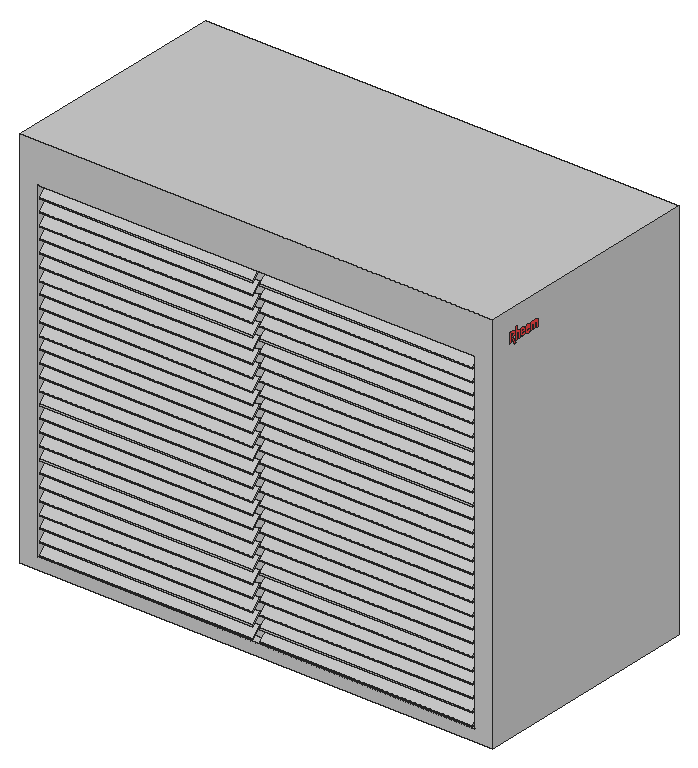
Revit family "DC_Rheem_PLM_HeatPump_953022_Horizontal_12", category Plumbing Fixtures, Revit 2011 (continued)
Definition of nested family "Rheem Logo"
  Forms (mm)
    Extrusion 2, solid, material "Rheem - Red"
      sketch origin (0, 0, 0) x (1, 0, 0) y (0, 1, 0)
        loop
          line (-41.894, 1.214) -> (-38.082, 1.214) -> (-38.082, 21.599) -> (-32.234, 21.599)
          arc (-32.234, 21.599) -> (-29.693, 18.062) -> (-32.234, 14.524) r 3.733
          line (-32.234, 14.524) -> (-37.193, 14.524) -> (-25.503, -6.017) -> (-21.057, -6.017) -> (-31.586, 12.168)
          arc (-31.586, 12.168) -> (-27.821, 13.513) -> (-25.921, 17.03) r 5.582
          arc (-25.921, 17.03) -> (-25.719, 18.742) -> (-25.921, 20.454) r 7.357
          arc (-25.921, 20.454) -> (-28.207, 24.104) -> (-32.234, 25.629) r 6.75
          line (-32.234, 25.629) -> (-41.894, 25.629) -> (-41.894, 1.214)
        loop
          line (-23.226, 1.185) -> (-19.437, 1.185) -> (-19.437, 13.012)
          arc (-19.437, 13.012) -> (-19.128, 14.152) -> (-18.458, 15.124) r 3.499
          arc (-18.458, 15.124) -> (-15.383, 15.705) -> (-13.789, 13.012) r 2.726
          line (-13.789, 13.012) -> (-13.789, 1.24) -> (-10.243, 1.24) -> (-10.243, 15.292)
          arc (-10.243, 15.292) -> (-11.786, 18.511) -> (-15.149, 19.709) r 4.688
          arc (-15.149, 19.709) -> (-17.647, 19.107) -> (-19.481, 17.308) r 4.826
          line (-19.481, 17.308) -> (-19.481, 30.829) -> (-23.226, 30.829) -> (-23.226, 1.185)
        loop
          line (23.175, 1.163) -> (26.995, 1.163) -> (26.995, 13.552)
          spline (26.995, 13.552) -> (27.371, 14.564) -> (27.804, 15.069) -> (28.281, 15.418) -> (28.811, 15.632) -> (29.379, 15.725) -> (29.95, 15.717) -> (30.497, 15.616) -> (30.99, 15.417) -> (31.391, 15.11) -> (31.695, 14.668) -> (31.964, 14.008) -> (32.183, 12.765)
          line (32.183, 12.765) -> (32.183, 1.163) -> (35.718, 1.163) -> (35.718, 13.552)
          spline (35.718, 13.552) -> (36.109, 14.517) -> (36.554, 15.006) -> (37.052, 15.326) -> (37.59, 15.559) -> (38.152, 15.707) -> (38.721, 15.73) -> (39.268, 15.631) -> (39.76, 15.428) -> (40.161, 15.119) -> (40.465, 14.673) -> (40.735, 14.008) -> (40.954, 12.758)
          line (40.954, 12.758) -> (40.954, 1.163) -> (44.476, 1.163) -> (44.476, 15.299)
          spline (44.476, 15.299) -> (43.848, 17.29) -> (43.019, 18.22) -> (42.37, 18.702) -> (41.804, 19.017) -> (41.149, 19.264) -> (40.313, 19.428) -> (39.374, 19.465) -> (38.467, 19.368) -> (37.722, 19.168) -> (37.096, 18.83) -> (36.406, 18.243) -> (35.372, 17.031)
          spline (35.372, 17.031) -> (34.429, 18.123) -> (33.829, 18.62) -> (33.238, 18.972) -> (32.579, 19.243) -> (31.849, 19.438) -> (31.208, 19.538) -> (30.654, 19.537) -> (29.928, 19.446) -> (29.163, 19.24) -> (28.532, 18.893) -> (27.886, 18.393) -> (26.982, 17.161)
          line (26.982, 17.161) -> (26.982, 19.137) -> (23.175, 19.137) -> (23.175, 1.163)
        loop
          line (-4.847, 12.542) -> (2.427, 12.542)
          spline (2.427, 12.542) -> (1.763, 14.183) -> (1.301, 14.891) -> (0.805, 15.438) -> (0.245, 15.904) -> (-0.324, 16.216) -> (-1.038, 16.34) -> (-1.827, 16.292) -> (-2.465, 16.063) -> (-2.917, 15.675) -> (-3.427, 15.167) -> (-4.048, 14.327) -> (-4.847, 12.542)
        loop
          line (-4.9, 9.047) -> (6.017, 9.047)
          spline (6.017, 9.047) -> (5.705, 13.107) -> (4.905, 15.268) -> (3.688, 17.194) -> (1.99, 18.63) -> (-0.152, 19.603) -> (-2.058, 19.605) -> (-4.184, 18.763) -> (-5.86, 17.359) -> (-7.198, 15.418) -> (-8.007, 13.176) -> (-8.32, 10.92) -> (-7.964, 7.03)
          spline (-7.964, 7.03) -> (-6.832, 4.362) -> (-5.715, 2.918) -> (-4.556, 1.919) -> (-3.443, 1.286) -> (-2.241, 0.913) -> (-0.925, 0.787) -> (0.345, 0.947) -> (1.513, 1.391) -> (2.668, 2.062) -> (3.767, 2.962) -> (4.809, 4.177) -> (5.833, 6.548)
          line (5.833, 6.548) -> (2.04, 6.548)
          spline (2.04, 6.548) -> (1.056, 5.131) -> (0.367, 4.642) -> (-0.297, 4.355) -> (-0.96, 4.223) -> (-1.562, 4.241) -> (-2.284, 4.517) -> (-3.007, 4.961) -> (-3.495, 5.411) -> (-3.891, 5.947) -> (-4.296, 6.68) -> (-4.648, 7.691) -> (-4.9, 9.047)
        loop
          line (10.749, 12.229) -> (18.023, 12.229)
          spline (18.023, 12.229) -> (17.358, 13.871) -> (16.897, 14.578) -> (16.4, 15.125) -> (15.841, 15.591) -> (15.271, 15.904) -> (14.557, 16.027) -> (13.768, 15.979) -> (13.131, 15.75) -> (12.679, 15.363) -> (12.168, 14.855) -> (11.547, 14.015) -> (10.749, 12.229)
        loop
          line (10.735, 9.008) -> (21.652, 9.008)
          spline (21.652, 9.008) -> (21.34, 13.068) -> (20.54, 15.228) -> (19.323, 17.155) -> (17.625, 18.591) -> (15.482, 19.564) -> (13.577, 19.566) -> (11.45, 18.724) -> (9.775, 17.319) -> (8.437, 15.379) -> (7.627, 13.137) -> (7.315, 10.881) -> (7.671, 6.991)
          spline (7.671, 6.991) -> (8.803, 4.323) -> (9.919, 2.879) -> (11.079, 1.88) -> (12.192, 1.247) -> (13.394, 0.874) -> (14.71, 0.748) -> (15.98, 0.908) -> (17.147, 1.352) -> (18.303, 2.023) -> (19.402, 2.923) -> (20.444, 4.138) -> (21.468, 6.509)
          line (21.468, 6.509) -> (17.675, 6.509)
          spline (17.675, 6.509) -> (16.691, 5.092) -> (16.002, 4.603) -> (15.338, 4.316) -> (14.675, 4.184) -> (14.073, 4.202) -> (13.351, 4.478) -> (12.627, 4.922) -> (12.14, 5.371) -> (11.743, 5.908) -> (11.339, 6.641) -> (10.986, 7.652) -> (10.735, 9.008)
      from 0 to 2
  Dimensions and locks
    aligned and locked: plane 2 to Extrusion 1
    aligned and locked: level to Extrusion 1
